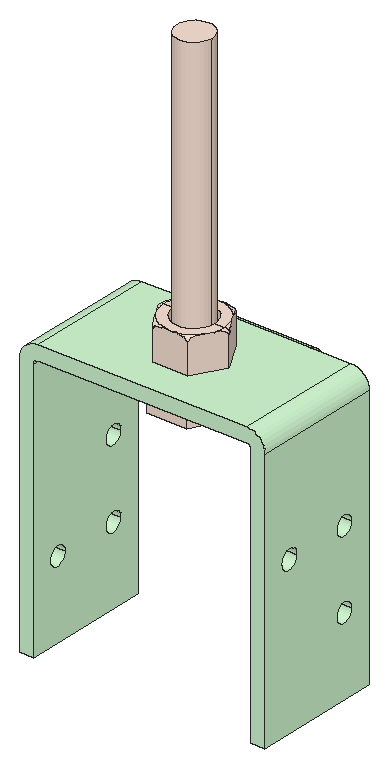
Revit family "キャッチャーボルト5070", category 機械設備, Revit 2020
Family settings
  丸型コネクタ寸法 = 直径を使用
  種別 = なし
  パーツ タイプ = 標準
  作業面ベース = いいえ
  常に垂直 = はい
  ロード時にボイドで切り取り = いいえ
  共有 = いいえ
  部屋計算ポイント = いいえ
Parameters
  製造元 = "株式会社桐井製作所"
  既定の高さ = 0 mm
  URL = "https://www.kirii.co.jp/"
  K_品名 = "キャッチャーボルト5070幅"
  K_名称 = "斜め部材(ブレース)上部取付金具"
  K_備考 = "受注生産品"
  K_バージョン情報 = "20250901"
Reference planes
  plane 1 "中心(正面/背面)": y = 0
  plane 2: z = 0
  plane 3 "中心(左/右)": x = 0
Forms (mm)
  Extrusion 1, solid
    sketch origin (-0.479, 0, -20.761) x (1, 0, 0) y (0, 0, 1)
      loop
        arc (24.579, 82.561) -> (25.286, 82.268) -> (25.579, 81.561) r 1
        line (25.579, 81.561) -> (25.579, 20.761) -> (28.779, 20.761) -> (28.779, 81.561)
        arc (28.779, 81.561) -> (27.549, 84.531) -> (24.579, 85.761) r 4.2
        line (24.579, 85.761) -> (-23.621, 85.761)
        arc (-23.621, 85.761) -> (-26.591, 84.531) -> (-27.821, 81.561) r 4.2
        line (-27.821, 81.561) -> (-27.821, 20.761) -> (-24.621, 20.761) -> (-24.621, 81.561)
        arc (-24.621, 81.561) -> (-24.328, 82.268) -> (-23.621, 82.561) r 1
        line (-23.621, 82.561) -> (24.579, 82.561)
    from 0 to 30
  Extrusion 2, void
    sketch origin (0, -5, 57.1) x (1, 0, 0) y (0, 1, 0)
      loop
        circle (0, -10) r 5
    from 0 to 8.8
  Extrusion 3, solid
    sketch origin (0, 0, 0) x (0, 1, 0) y (0, 0, 1)
      loop
        line (0, 65) -> (0, 42.763) -> (3.2, 42.763) -> (3.2, 60.921)
        arc (3.2, 60.921) -> (2.305, 63.513) -> (0, 65) r 4.2
    from 15 to -15
  Extrusion 4, void
    sketch origin (0, 0, 0) x (1, 0, 0) y (0, 0, 1)
      loop
        circle (8, 50.787) r 2.25
      loop
        circle (-8, 50.743) r 2.25
    from 0 to -3.2
  Extrusion 5, void
    sketch origin (0, 0, 0) x (0, 1, 0) y (0, 0, 1)
      loop
        circle (-7, 36) r 2.25
      loop
        circle (-7, 18) r 2.248
      loop
        circle (-23, 18) r 2.25
    from -25.1 to -28.3
  Extrusion 6, void
    sketch origin (0, 0, 0) x (0, 1, 0) y (0, 0, 1)
      loop
        circle (-7.071, 18) r 2.3
      loop
        circle (-7.071, 36) r 2.3
      loop
        circle (-22.966, 36) r 2.3
    from 28.3 to 25.1
Cuts and joins
  Extrusion 2, Extrusion 5, Extrusion 6 cuts Extrusion 1
  Extrusion 4 cuts Extrusion 3
  joined: Extrusion 1, Extrusion 3
Dimensions and locks
  aligned and locked: level to plane 2
Nested families
  nested 1: "ナット" at (0, -15, 65) x (-1, 0, 0) z (0, 0, 1), type "ナット"
  nested 2: "M10×70ボルト" at (0, -15, 54.8) x (1, 0, 0) z (0, 1, 0), type "M10×70ボルト"
Definition of nested family "ナット"
  Parameters (values of type "ナット")
    Default Elevation = 1219.2 mm
  Reference planes
    plane 1 "中心(正面/背面)": y = 0
    plane 2: z = 0
    plane 3 "中心(左/右)": x = 0
  Forms (mm)
    Extrusion 1, solid
      sketch origin (0, 0, 0) x (1, 0, 0) y (0, 1, 0)
        loop
          line (-55, 45) -> (-55, -45.273) -> (55.986, -45.273) -> (55.986, 45) -> (-55, 45)
      from 0 to -304.8
    Revolve 2, solid
      sketch origin (0, 0, 2.36) x (1, 0, 0) y (0, 0, 1)
        loop
          arc (8.083, 4.64) -> (7.781, 5.356) -> (7.057, 5.64) r 1
          line (7.057, 5.64) -> (4.765, 5.64) -> (4.765, -2.36) -> (8.083, -2.36) -> (8.083, 4.64)
        axis (0, 5.64) -> (0, -2.36)
      angle from 0 to 360
    Extrusion 3, void
      sketch origin (0, 0, 0) x (1, 0, 0) y (0, 1, 0)
        loop
          line (8.083, 0) -> (4.041, 7) -> (-4.041, 7) -> (-8.083, 0) -> (-4.041, -7) -> (4.041, -7) -> (8.083, 0)
        loop
          circle (0, 0) r 8.42
      from 0 to 8.277
  Cuts and joins
    Extrusion 3 cuts Revolve 2
  Dimensions and locks
    aligned and locked: plane 2 to Extrusion 1
    aligned and locked: level to Extrusion 1
Definition of nested family "M10×70ボルト"
  Parameters (values of type "M10×70ボルト")
    Manufacturer = "株式会社桐井製作所"
    Default Elevation = 0 mm
    URL = "https://www.kirii.co.jp/"
    K_材料規格 = "M10×L60"
    K_品名 = "M10×60ボルト"
    K_名称 = "M10×60ボルト"
    K_備考 = "KIRIIアングルクランプ付属品"
  Reference planes
    plane 1 "中心(正面/背面)": y = 0
    plane 2: z = 0
    plane 3 "中心(左/右)": x = 0
    plane 4: x = 8
    plane 5: x = -8
    plane 6 "正面": y = -7
    plane 7: z = 8
    plane 8: z = -8
  Forms (mm)
    Extrusion 1, solid
      sketch origin (0, 0, 0) x (1, 0, 0) y (0, 0, 1)
        loop
          line (-4.619, 8) -> (-9.238, 0) -> (-4.619, -8) -> (4.619, -8) -> (9.238, 0) -> (4.619, 8) -> (-4.619, 8)
      from 0 to 7
    Extrusion 2, solid
      sketch origin (0, 0, 25.676) x (1, 0, 0) y (0, 0, 1)
        loop
          circle (0, -25.676) r 4.1
      from 7 to 77
  Cuts and joins
    joined: Extrusion 1, Extrusion 2
  Lines and regions (mm)
    model lines
      curve 1: circle (0, 0, 0) r 8 normal (0, -1, 0)
  Dimensions and locks
    aligned and locked: level to plane 2
